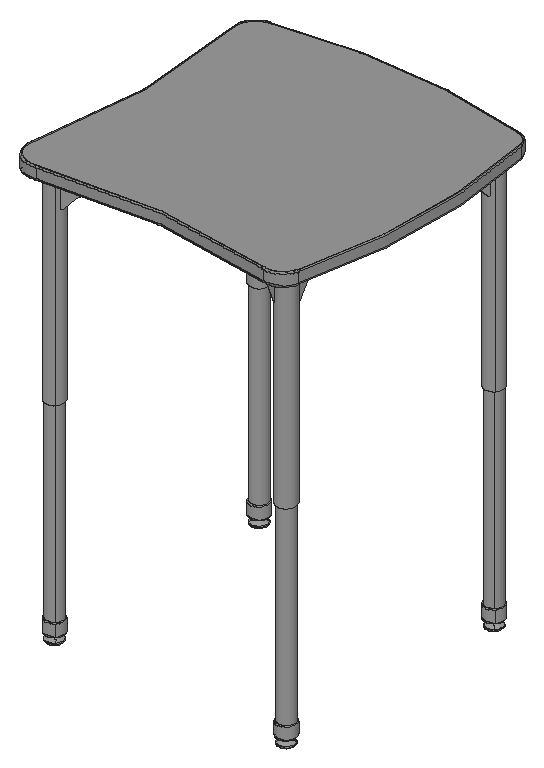
Revit family "Hierarchy Creator Square Table - Standing Height", category Furniture, Revit 2018
Family settings
  Work Plane-Based = No
  Always vertical = Yes
  Cut with Voids When Loaded = No
  Shared = No
  Room Calculation Point = No
Parameters
  Table Height = 3' - 5"
  Surface = Hierarchy Creator Square Table Standing Surface
  Leg Finish = Hierarchy Leg Platinum
  Edgeband = Hierarchy Creator Square Table Standing Edgeband
  Caster/Glide = Hierarchy Standing Leg - Glide : Hierarchy Standing Leg - Glide
Reference planes (in)
  plane 1 "Center (Front/Back)": y = 0
  plane 2: z = 0
  plane 3 "Center (Left/Right)": x = 0
  plane 4 "Table Height": z = 41
Dimensions and locks (in)
  "Table Height": plane 4 "Table Height" to level
  aligned and locked: plane 2 to level
  aligned and locked: nested 1 to plane 4 "Table Height"
Nested families (in)
  nested 1: "Creator Square Tabletop" at (0, 0, 13.85825), type "Creator Square Tabletop"
  nested 2: "Hierarchy Standing Leg - Glide" at (-12.11533, 13.32396, 0) x (0.7071, 0.7071, 0) z (0, 0, 1), type <- "Caster/Glide", Leg Finish <- "Leg Finish", Leg Height <- "Table Height", type "Hierarchy Standing Leg - Glide"
  nested 3: "Hierarchy Standing Leg - Glide" at (-12.92219, -10.42013, 0) x (-0.7071, 0.7071, 0) z (0, 0, 1), type <- "Caster/Glide", Leg Finish <- "Leg Finish", Leg Height <- "Table Height", type "Hierarchy Standing Leg - Glide"
  nested 4: "Hierarchy Standing Leg - Glide" at (10.70904, -11.9148, 0) x (-0.8, -0.6, 0) z (0, 0, 1), Leg Finish <- "Leg Finish", Leg Height <- "Table Height", type "Hierarchy Standing Leg - Glide"
    with Leg Height 3' - 5", Leg Finish Hierarchy Leg Platinum
  nested 5: "Hierarchy Standing Leg - Glide" at (11.68714, 12.00247, 0) x (0.7071, -0.7071, 0) z (0, 0, 1), Leg Finish <- "Leg Finish", Leg Height <- "Table Height", type "Hierarchy Standing Leg - Glide"
    with Leg Height 3' - 5", Leg Finish Hierarchy Leg Platinum
Definition of nested family "Creator Square Tabletop"
  Parameters (values of type "Creator Square Tabletop")
    Surface = none
    Edgeband = none
  Reference planes (in)
    plane 1 "Center (Front/Back)": y = 0
    plane 2: z = 0
    plane 3 "Center (Left/Right)": x = 0
  Forms (in)
    Extrusion 1, solid, material <- "Surface"
      sketch origin (-0.56575, 3.43167, 0) x (1, 0, 0) y (0, 1, 0)
        loop
          arc (-13.92341, 9.82192) -> (-13.13724, -1.85993) -> (-14.72069, -13.45984) r 57.81225
          arc (-14.72069, -13.45984) -> (-14.20369, -15.48798) -> (-12.23602, -16.20137) r 2.23752
          arc (-12.23602, -16.20137) -> (-0.53661, -15.76515) -> (11.0101, -17.69906) r 57.71099
          arc (11.0101, -17.69906) -> (12.41063, -17.52272) -> (13.27603, -16.40752) r 1.84386
          arc (13.27603, -16.40752) -> (15.2536, -3.72631) -> (14.35391, 9.0766) r 57.19887
          arc (14.35391, 9.0766) -> (13.90693, 9.98023) -> (13.05168, 10.51396) r 1.84475
          arc (13.05168, 10.51396) -> (0.39948, 12.66928) -> (-12.41478, 11.94942) r 57.20066
          arc (-12.41478, 11.94942) -> (-13.60974, 11.19814) -> (-13.92341, 9.82192) r 1.84413
      from 27.14175 to 28.39175
    Sweep 2, solid, material <- "Edgeband"
      path in 3D
        loop
          arc (12.48593, 13.94563, 28.39175) -> (13.34119, 13.4119, 28.39175) -> (13.78816, 12.50827, 28.39175) r 1.84475
          arc (13.78816, 12.50827, 28.39175) -> (14.68786, -0.29464, 28.39175) -> (12.71028, -12.97585, 28.39175) r 57.19887
          arc (12.71028, -12.97585, 28.39175) -> (11.84488, -14.09105, 28.39175) -> (10.44435, -14.26739, 28.39175) r 1.84386
          arc (10.44435, -14.26739, 28.39175) -> (-1.10236, -12.33348, 28.39175) -> (-12.80177, -12.7697, 28.39175) r 57.71099
          arc (-12.80177, -12.7697, 28.39175) -> (-14.76944, -12.05631, 28.39175) -> (-15.28644, -10.02817, 28.39175) r 2.23752
          arc (-15.28644, -10.02817, 28.39175) -> (-13.70299, 1.57174, 28.39175) -> (-14.48916, 13.25359, 28.39175) r 57.81225
          arc (-14.48916, 13.25359, 28.39175) -> (-14.17549, 14.62981, 28.39175) -> (-12.98053, 15.38109, 28.39175) r 1.84413
          arc (-12.98053, 15.38109, 28.39175) -> (-0.16627, 16.10095, 28.39175) -> (12.48593, 13.94563, 28.39175) r 57.20066
      profile origin (-0.16627, 16.10095, 28.39175) x (0.056277, 0.998415, 0) y (0, 0, 1)
        loop
          arc (0, -1.25) -> (0.08643, -1.2142) -> (0.12223, -1.12777) r 0.12223
          line (0.12223, -1.12777) -> (0.12223, -0.12223)
          arc (0.12223, -0.12223) -> (0.08643, -0.0358) -> (0, 0) r 0.12223
          line (0, 0) -> (0, -1.25)
  Lines and regions (in)
    sketch lines
      curve 1: arc (-12.98053, 15.38109, 28.39175) -> (-0.16627, 16.10095, 28.39175) -> (12.48593, 13.94563, 28.39175) r 57.20066
      curve 2: arc (12.48593, 13.94563, 28.39175) -> (13.34119, 13.4119, 28.39175) -> (13.78816, 12.50827, 28.39175) r 1.84475
      curve 3: arc (13.78816, 12.50827, 28.39175) -> (14.68786, -0.29464, 28.39175) -> (12.71028, -12.97585, 28.39175) r 57.19887
      curve 4: arc (12.71028, -12.97585, 28.39175) -> (11.84488, -14.09105, 28.39175) -> (10.44435, -14.26739, 28.39175) r 1.84386
      curve 5: arc (10.44435, -14.26739, 28.39175) -> (-1.10236, -12.33348, 28.39175) -> (-12.80177, -12.7697, 28.39175) r 57.71099
      curve 6: arc (-12.80177, -12.7697, 28.39175) -> (-14.76944, -12.05631, 28.39175) -> (-15.28644, -10.02817, 28.39175) r 2.23752
      curve 7: arc (-15.28662, -10.02893, 28.39175) -> (-13.70299, 1.57174, 28.39175) -> (-14.48916, 13.25359, 28.39175) r 57.81225
      curve 8: arc (-14.48916, 13.25359, 28.39175) -> (-14.17549, 14.62981, 28.39175) -> (-12.98053, 15.38109, 28.39175) r 1.84413
  Dimensions and locks (in)
    aligned and locked: plane 2 to level
Definition of nested family "Hierarchy Standing Leg - Glide"
  Parameters (values of type "Hierarchy Standing Leg - Glide")
    Leg Finish [instance] = none
    Leg Height [instance] = 3' - 5"
  Reference planes (in)
    plane 1 "Center (Front/Back)": y = 0
    plane 2: z = 0
    plane 3 "Center (Left/Right)": x = 0
  Forms (in)
    Extrusion 1, solid
      sketch origin (-0.01562, 0, 0) x (1, 0, 0) y (0, 1, 0)
        loop
          circle (0.01563, 0) r 0.79147
      from 2 to 23.175
    Revolve 2, solid
      sketch origin (0, 0, 0) x (1, 0, 0) y (0, 0, 1)
        loop
          line (0, 2) -> (0, 0.74937) -> (0.84838, 0.74937)
          arc (0.84838, 0.74937) -> (0.89342, 0.76803) -> (0.91207, 0.81306) r 0.06369
          line (0.91207, 0.81306) -> (0.91207, 1.93631)
          arc (0.91207, 1.93631) -> (0.89342, 1.98134) -> (0.84838, 2) r 0.06369
          line (0.84838, 2) -> (0, 2)
        axis (0, 2) -> (0, 0.74937)
      angle from 0 to 360
    Revolve 3, solid
      sketch origin (0, 0, 0) x (1, 0, 0) y (0, 0, 1)
        loop
          line (0, 0.75) -> (0, 0) -> (0.74583, 0) -> (0.79147, 0.09013) -> (0.79147, 0.16241) -> (0.12474, 0.5) -> (0.12474, 0.75) -> (0, 0.75)
        axis (0, 0.75) -> (0, 0)
      angle from 0 to 360
  Dimensions and locks (in)
    "Leg Height": nested 1 to level
    aligned and locked: plane 2 to level
  Automatic sketch dimensions
    plane 1 "Center (Front/Back)" to Extrusion 1 sketch curve = 0' - 0"
    Extrusion 1 sketch curve to plane 3 "Center (Left/Right)" = 0' - 0"
    Revolve 2 sketch curve to plane 3 "Center (Left/Right)" = 0' - 0"  (x2)
    plane 3 "Center (Left/Right)" to Revolve 2 sketch curve = 0' - 0.84838"
    Revolve 2 sketch curve to Revolve 2 sketch curve = 0' - 0.84838"
    Revolve 2 sketch curve to Revolve 2 sketch curve = 0' - 0.06369"
    level to Revolve 2 sketch curve = 0' - 0.74937"
    Revolve 2 sketch curve to Revolve 2 sketch curve = 0' - 1.12324"
    Revolve 2 sketch curve to Revolve 2 sketch curve = 0' - 0.13731"
    Revolve 2 sketch curve to Revolve 2 sketch curve = 0' - 0 3/4"
    Revolve 3 sketch curve to plane 3 "Center (Left/Right)" = 0' - 0"  (x2)
    Revolve 3 sketch curve to level = 0' - 0"
    plane 3 "Center (Left/Right)" to Revolve 3 sketch curve = 0' - 0.12474"
    plane 3 "Center (Left/Right)" to Revolve 3 sketch curve = 0' - 0.74583"
    Revolve 3 sketch curve to Revolve 3 sketch curve = 0' - 0.04564"
    level to Revolve 3 sketch curve = 0' - 0.09013"
    Revolve 3 sketch curve to Revolve 3 sketch curve = 0' - 0.07228"
    level to Revolve 3 sketch curve = 0' - 0 1/2"
    Revolve 3 sketch curve to Revolve 3 sketch curve = 0' - 0 1/4"
    Revolve 3 sketch curve to level = 0' - 0 1/8"
    Revolve 3 sketch curve to Revolve 3 sketch curve = 0' - 0 1/8"
    radius of Extrusion 1 sketch curve = 0' - 0.79147"
  Nested families (in)
    nested 1: "Hierarchy Standing Upper Leg 2023" at (0, 0, 0.19983), Leg Finish <- "Leg Finish", type "Hierarchy Standing Upper Leg 2023"
      with Leg Finish none
  Definition of nested family "Hierarchy Standing Upper Leg 2023"
    Parameters (values of type "Hierarchy Standing Upper Leg 2023")
      Leg Finish [instance] = none
    Reference planes (in)
      plane 1 "Center (Front/Back)": y = 0
      plane 2: z = 0
      plane 3 "Center (Left/Right)": x = 0
    Forms (in)
      Extrusion 1, solid, material <- "Leg Finish"
        sketch origin (0, 0, 0) x (1, 0, 0) y (0, 1, 0)
          loop
            circle (0, 0) r 0.9129
        from 20.67418 to 40.67418
      Extrusion 2, solid, material <- "Leg Finish"
        sketch origin (0, 0, 12.998) x (1, 0, 0) y (0, 1, 0)
          loop
            line (-1.70174, 0.19183) -> (-3.96611, -4.49738)
            arc (-3.96611, -4.49738) -> (-3.91977, -5.33444) -> (-3.18615, -5.74016) r 0.86614
            line (-3.18615, -5.74016) -> (3.18615, -5.74016)
            arc (3.18615, -5.74016) -> (3.91977, -5.33444) -> (3.96611, -4.49738) r 0.86614
            line (3.96611, -4.49738) -> (1.70174, 0.19183)
            arc (1.70174, 0.19183) -> (0, 1.25984) -> (-1.70174, 0.19183) r 1.88976
        from 27.67618 to 27.80217
      Extrusion 3, solid, material <- "Leg Finish"
        sketch origin (12.41967, 1.58692, 0) x (0.434844, 0.900506, 0) y (0, 0, 1)
          loop
            arc (-12.68776, 40.67418) -> (-12.80559, 40.56418) -> (-12.70394, 40.43908) r 0.11811
            arc (-12.70394, 40.43908) -> (-9.98192, 39.53509) -> (-7.76426, 37.71614) r 7.87402
            arc (-7.76426, 37.71614) -> (-7.63344, 37.68136) -> (-7.55587, 37.79229) r 0.11811
            line (-7.55587, 37.79229) -> (-7.55587, 40.67418) -> (-12.68776, 40.67418)
        from -11.10976 to -10.98378
      Extrusion 4, solid, material <- "Leg Finish"
        sketch origin (-12.41967, 1.58692, 0) x (-0.434844, 0.900506, 0) y (0, 0, -1)
          loop
            line (-12.68776, -40.67418) -> (-7.55587, -40.67418) -> (-7.55587, -37.79229)
            arc (-7.55587, -37.79229) -> (-7.63344, -37.68136) -> (-7.76426, -37.71614) r 0.11811
            arc (-7.76426, -37.71614) -> (-9.98192, -39.53509) -> (-12.70394, -40.43908) r 7.87402
            arc (-12.70394, -40.43908) -> (-12.80559, -40.56418) -> (-12.68776, -40.67418) r 0.11811
        from -11.10976 to -10.98378
    Dimensions and locks (in)
      aligned and locked: plane 2 to level
